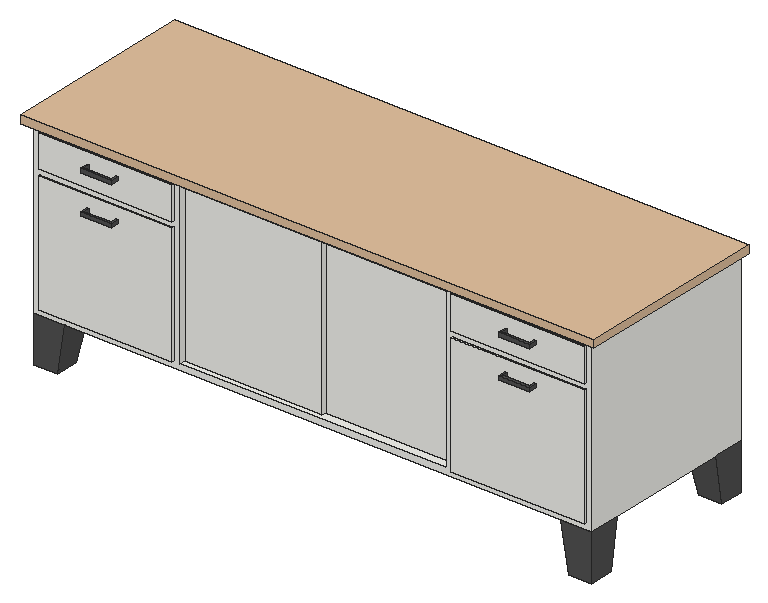
Revit family "7e631b02c8c74846aac28b4628d60ba8", category Furniture, Revit 2021
Family settings
  OmniClass Number = 23.40.20.24.17
  OmniClass Title = Sideboards
  Seek Item ID = Credenza-0000-USA-ENU
  Work Plane-Based = No
  Always vertical = Yes
  Cut with Voids When Loaded = No
  Shared = Yes
  Room Calculation Point = No
Parameters (values of type "72" x 24"")
  Default Elevation = 0' - 0"
  Assembly Code = "E2020200"
  Depth = 2' - 0"
  Body Material = Laminate, Ivory, Matte
  Handles/Legs Material = Steel, Chrome Plated
  Top Material = Cherry
  Height = 2' - 5"
  Width = 6' - 0"
Types (3): name | Width
  (no name) | 6' - 0"
  72" x 24" | 6' - 0"
  60" x 24" | 5' - 0"
Reference planes (in)
  plane 1 "Center (Front/Back)": y = 0.18033
  plane 2: z = 0
  plane 3 "Center (Left/Right)": x = 2.34426
  plane 4 "Back": y = 12.18033
  plane 5 "Front": y = -11.81967
  plane 6 "Right": x = 38.34426
  plane 7 "Left": x = -33.65574
  plane 8 "Top": z = 29
  plane 9: z = 6
  plane 10: x = -15.65574
  plane 11: x = 20.34426
  plane 12: y = -12.06967
  plane 13: y = 11.43033
  plane 14: x = 29.34426
  plane 15: z = 25.75344
  plane 16: z = 20.75
  plane 17: x = 27.34426
  plane 18: x = -24.65574
  plane 19: z = 25.75
  plane 20: z = 20.75
Forms (in)
  Extrusion 1, solid, material "Cherry" <- "Top Material"
    sketch origin (0, 0, 0) x (1, 0, 0) y (0, 1, 0)
      loop
        line (-34.65574, 12.18033) -> (-34.65574, -12.81967) -> (39.34426, -12.81967) -> (39.34426, 12.18033) -> (-34.65574, 12.18033)
    from 28 to 29
  Extrusion 2, solid, material "Laminate, Ivory, Matte" <- "Body Material"
    sketch origin (0, 0, 0) x (1, 0, 0) y (0, 1, 0)
      loop
        line (-33.65574, 12.18033) -> (-33.65574, -11.81967) -> (38.34426, -11.81967) -> (38.34426, 12.18033) -> (-33.65574, 12.18033)
    from 6 to 28
  Blend 3, solid, material "Steel, Chrome Plated" <- "Handles/Legs Material"
    base sketch origin (-33.65574, 24.18033, 0) x (1, 0, 0) y (0, 1, 0)
      loop
        line (72, -36) -> (72, -33) -> (69, -33) -> (69, -36) -> (72, -36)
    top sketch origin (-33.65574, 24.18033, 0) x (1, 0, 0) y (0, 1, 0)
      loop
        line (72, -36) -> (72, -32) -> (68, -32) -> (68, -36) -> (72, -36)
    from 0 to 6
  Blend 4, solid, material "Steel, Chrome Plated" <- "Handles/Legs Material"
    base sketch origin (38.34426, -23.81967, 0) x (-1, 0, 0) y (0, -1, 0)
      loop
        line (72, -36) -> (72, -33) -> (69, -33) -> (69, -36) -> (72, -36)
    top sketch origin (38.34426, -23.81967, 0) x (-1, 0, 0) y (0, -1, 0)
      loop
        line (72, -36) -> (72, -32) -> (68, -32) -> (68, -36) -> (72, -36)
    from 0 to 6
  Blend 5, solid, material "Steel, Chrome Plated" <- "Handles/Legs Material"
    base sketch origin (38.34426, 24.18033, 0) x (-1, 0, 0) y (0, -1, 0)
      loop
        line (72, 36) -> (69, 36) -> (69, 33) -> (72, 33) -> (72, 36)
    top sketch origin (38.34426, 24.18033, 0) x (-1, 0, 0) y (0, -1, 0)
      loop
        line (72, 36) -> (68, 36) -> (68, 32) -> (72, 32) -> (72, 36)
    from 0 to 6
  Extrusion 6, solid, material "Laminate, Ivory, Matte" <- "Body Material"
    sketch origin (45, 12.18033, 0) x (1, 0, 0) y (0, 0, 1)
      loop
        line (-77.90574, 27.25) -> (-77.90574, 23) -> (-60.65574, 23) -> (-60.65574, 27.25) -> (-77.90574, 27.25)
      loop
        line (-60.65574, 6.75) -> (-60.65574, 22.25) -> (-77.90574, 22.25) -> (-77.90574, 6.75) -> (-60.65574, 6.75)
    from 24 to 24.25
  Extrusion 7, solid, material "Laminate, Ivory, Matte" <- "Body Material"
    sketch origin (45, 12.18033, 0) x (1, 0, 0) y (0, 0, 1)
      loop
        line (-24.65574, 27.25) -> (-24.65574, 23) -> (-7.40574, 23) -> (-7.40574, 27.25) -> (-24.65574, 27.25)
      loop
        line (-7.40574, 6.75) -> (-7.40574, 22.25) -> (-24.65574, 22.25) -> (-24.65574, 6.75) -> (-7.40574, 6.75)
    from 24 to 24.25
  Blend 8, solid, material "Steel, Chrome Plated" <- "Handles/Legs Material"
    base sketch origin (-33.65574, -23.81967, 0) x (1, 0, 0) y (0, 1, 0)
      loop
        line (72, 36) -> (69, 36) -> (69, 33) -> (72, 33) -> (72, 36)
    top sketch origin (-33.65574, -23.81967, 0) x (1, 0, 0) y (0, 1, 0)
      loop
        line (72, 36) -> (68, 36) -> (68, 32) -> (72, 32) -> (72, 36)
    from 0 to 6
  Extrusion 9, void
    sketch origin (45, 12.18033, 0) x (1, 0, 0) y (0, 0, 1)
      loop
        line (-59.90574, 27.25) -> (-59.90574, 6.75) -> (-25.40574, 6.75) -> (-25.40574, 27.25) -> (-59.90574, 27.25)
    from 0.75 to 24
  Extrusion 10, solid, material "Laminate, Ivory, Matte" <- "Body Material"
    sketch origin (45, 12.18033, 0) x (1, 0, 0) y (0, 0, 1)
      loop
        line (-42.10136, 27.25) -> (-59.90574, 27.25) -> (-59.90574, 6.75) -> (-42.10136, 6.75) -> (-42.10136, 27.25)
    from 22.70283 to 23.20283
  Extrusion 11, solid, material "Laminate, Ivory, Matte" <- "Body Material"
    sketch origin (1.3389, -11.81967, 0) x (1, 0, 0) y (0, 0, 1)
      loop
        line (19.59426, 27.25) -> (0.50536, 27.25) -> (0.50536, 6.75) -> (19.59426, 6.75) -> (19.59426, 27.25)
    from -1.79717 to -1.29717
  Sweep 12, solid, material "Steel, Chrome Plated" <- "Handles/Legs Material"
    path origin (0, 0, 0) x (1, 0, 0) y (0, 1, 0)
      loop
        line (27.34426, -12.06967) -> (27.34426, -13.06967) -> (31.34426, -13.06967) -> (31.34426, -12.06967)
    profile origin (0, -12.56967, 0) x (1, 0, 0) y (0, 0, 1)
      loop
        line (27.34426, 25.75344) -> (27.34426, 25.25344) -> (27.59426, 25.25344) -> (27.59426, 25.75344) -> (27.34426, 25.75344)
      loop
        line (27.34426, 20.75) -> (27.34426, 20.25) -> (27.59426, 20.25) -> (27.59426, 20.75) -> (27.34426, 20.75)
  Sweep 13, solid, material "Steel, Chrome Plated" <- "Handles/Legs Material"
    path origin (0, 0, 0) x (1, 0, 0) y (0, 1, 0)
      loop
        line (-26.65574, -12.06967) -> (-26.65574, -13.06967) -> (-22.65574, -13.06967) -> (-22.65574, -12.06967)
    profile origin (0, -12.56967, 0) x (1, 0, 0) y (0, 0, 1)
      loop
        line (-26.65574, 20.75) -> (-26.65574, 20.25) -> (-26.40574, 20.25) -> (-26.40574, 20.75) -> (-26.65574, 20.75)
      loop
        line (-26.65574, 25.75) -> (-26.65574, 25.25) -> (-26.40574, 25.25) -> (-26.40574, 25.75) -> (-26.65574, 25.75)
Cuts and joins
  Extrusion 9 cuts Extrusion 1
  Extrusion 9 cuts Extrusion 2
  Extrusion 9 cuts Blend 3
  Extrusion 9 cuts Blend 4
  Extrusion 9 cuts Blend 5
  Extrusion 9 cuts Extrusion 6
  Extrusion 9 cuts Extrusion 7
  Extrusion 9 cuts Blend 8
Lines and regions (in)
  Masking region 1
    outline origin (0, 0, 0) x (1, 0, 0) y (0, 1, 0)
      loop
        line (-33.65574, 12.18033) -> (-33.65574, -11.81967) -> (38.34426, -11.81967) -> (38.34426, 12.18033) -> (-33.65574, 12.18033)
Dimensions and locks (in)
  equal spacing: plane 7 "Left", plane 3 "Center (Left/Right)", plane 6 "Right"
  equal spacing: plane 5 "Front", plane 1 "Center (Front/Back)", plane 4 "Back"
  "Width": plane 7 "Left" to plane 6 "Right"
  "Depth": plane 5 "Front" to plane 4 "Back"
  "Height": plane 8 "Top" to plane 2
  locked: Extrusion 1 to Extrusion 1 at 1
  locked: plane 9 to plane 2 at 6
  equal spacing: plane 7 "Left", plane 10, plane 3 "Center (Left/Right)"
  equal spacing: plane 6 "Right", plane 11, plane 3 "Center (Left/Right)"
  plane 12 to plane 5 "Front" = 0' - 0 1/4"
  Extrusion 1 to Extrusion 6 sketch curve = 0' - 0 3/4"
  equal spacing: plane 11, plane 14, plane 6 "Right"
  equal spacing: plane 7 "Left", plane 18, plane 10
  aligned and locked: Extrusion 1 to plane 8 "Top"
  aligned and locked: Extrusion 2 to Extrusion 1
  aligned and locked: plane 6 "Right" to Extrusion 2 sketch curve
  aligned and locked: Extrusion 2 sketch curve to plane 5 "Front"
  aligned and locked: plane 4 "Back" to Extrusion 1 sketch curve
  aligned and locked: Extrusion 6 to plane 5 "Front"
  aligned and locked: Extrusion 6 to plane 12
  aligned and locked: plane 5 "Front" to Extrusion 9
  aligned and locked: plane 13 to Extrusion 9
  aligned and locked: Extrusion 11 to Extrusion 10
  aligned and locked: plane 4 "Back" to Masking region 1 sketch curve
  aligned and locked: Masking region 1 sketch curve to plane 7 "Left"
  aligned and locked: plane 6 "Right" to Masking region 1 sketch curve
  aligned and locked: Masking region 1 sketch curve to plane 5 "Front"
Automatic sketch dimensions
  Blend 3 sketch curve to plane 5 "Front" = 0' - 0"  (x2)
  Blend 3 sketch curve to plane 6 "Right" = 0' - 0"  (x2)
  Blend 3 sketch curve to Blend 3 sketch curve = 0' - 3"  (x2)
  Blend 3 sketch curve to Blend 3 sketch curve = 0' - 4"  (x2)
  Blend 4 sketch curve to plane 4 "Back" = 0' - 0"  (x2)
  Blend 4 sketch curve to plane 7 "Left" = 0' - 0"  (x2)
  Blend 4 sketch curve to Blend 4 sketch curve = 0' - 3"  (x2)
  Blend 4 sketch curve to Blend 4 sketch curve = 0' - 4"  (x2)
  Blend 5 sketch curve to plane 5 "Front" = 0' - 0"  (x2)
  Blend 5 sketch curve to plane 7 "Left" = 0' - 0"  (x2)
  Blend 5 sketch curve to Blend 5 sketch curve = 0' - 3"  (x2)
  Blend 5 sketch curve to Blend 5 sketch curve = 0' - 4"  (x2)
  plane 5 "Front" to Extrusion 1 sketch curve = 0' - 1"
  plane 7 "Left" to Extrusion 1 sketch curve = 0' - 1"
  Extrusion 1 sketch curve to plane 6 "Right" = 0' - 1"
  Blend 8 sketch curve to plane 4 "Back" = 0' - 0"  (x2)
  Blend 8 sketch curve to plane 6 "Right" = 0' - 0"  (x2)
  Blend 8 sketch curve to Blend 8 sketch curve = 0' - 3"  (x2)
  Blend 8 sketch curve to Blend 8 sketch curve = 0' - 4"  (x2)
  Extrusion 9 sketch curve to plane 10 = 0' - 0 3/4"
  plane 11 to Extrusion 9 sketch curve = 0' - 0 3/4"
  Extrusion 9 sketch curve to plane 9 = 0' - 0 3/4"
  plane 8 "Top" to Extrusion 9 sketch curve = 0' - 1 3/4"
  plane 3 "Center (Left/Right)" to Extrusion 10 sketch curve = 0' - 0.55438"
  Extrusion 10 sketch curve to plane 9 = 0' - 0 3/4"
  Extrusion 10 sketch curve to plane 10 = 0' - 0 3/4"
  plane 8 "Top" to Extrusion 10 sketch curve = 0' - 1 3/4"
  Extrusion 11 sketch curve to plane 3 "Center (Left/Right)" = 0' - 0 1/2"
  Extrusion 11 sketch curve to plane 9 = 0' - 0 3/4"
  Extrusion 11 sketch curve to plane 11 = 0' - 0.5889"
  plane 8 "Top" to Extrusion 11 sketch curve = 0' - 1 3/4"
  Extrusion 7 sketch curve to plane 11 = 0' - 0"  (x2)
  plane 6 "Right" to Extrusion 7 sketch curve = 0' - 0 3/4"  (x2)
  Extrusion 7 sketch curve to plane 9 = 0' - 0 3/4"
  Extrusion 7 sketch curve to Extrusion 7 sketch curve = 1' - 3 1/2"
  Extrusion 7 sketch curve to Extrusion 7 sketch curve = 0' - 0 3/4"
  plane 8 "Top" to Extrusion 7 sketch curve = 0' - 1 3/4"
  Extrusion 6 sketch curve to plane 10 = 0' - 0"  (x2)
  Extrusion 6 sketch curve to plane 7 "Left" = 0' - 0 3/4"
  Extrusion 6 sketch curve to Extrusion 6 sketch curve = 0' - 0"
  Extrusion 6 sketch curve to Extrusion 6 sketch curve = 0' - 4 1/4"
  Extrusion 6 sketch curve to Extrusion 6 sketch curve = 0' - 0 3/4"
  Extrusion 6 sketch curve to plane 9 = 0' - 0 3/4"
  Sweep 12 sketch curve to plane 12 = 0' - 0"  (x2)
  Sweep 12 sketch curve to plane 12 = 0' - 1"
  Sweep 12 sketch curve to plane 14 = 0' - 2"
  plane 14 to Sweep 12 sketch curve = 0' - 2"
  Sweep 12 sketch curve to profile plane = 0' - 0"  (x2)
  Sweep 12 sketch curve to plane 16 = 0' - 0"
  Sweep 12 sketch curve to plane 15 = 0' - 0"
  Sweep 12 sketch curve to profile plane = 0' - 0 1/4"  (x2)
  plane 16 to Sweep 12 sketch curve = 0' - 0 1/2"
  plane 15 to Sweep 12 sketch curve = 0' - 0 1/2"
  Sweep 13 sketch curve to plane 12 = 0' - 0"  (x2)
  Sweep 13 sketch curve to plane 12 = 0' - 1"
  Sweep 13 sketch curve to plane 18 = 0' - 2"
  plane 18 to Sweep 13 sketch curve = 0' - 2"
  Sweep 13 sketch curve to profile plane = 0' - 0"  (x2)
  Sweep 13 sketch curve to plane 19 = 0' - 0"
  Sweep 13 sketch curve to plane 20 = 0' - 0"
  Sweep 13 sketch curve to profile plane = 0' - 0 1/4"  (x2)
  plane 20 to Sweep 13 sketch curve = 0' - 0 1/2"
  Sweep 13 sketch curve to Sweep 13 sketch curve = 0' - 0 1/2"
  Extrusion 2 sketch curve to plane 7 "Left" = 0' - 0"
  Extrusion 2 sketch curve to plane 4 "Back" = 0' - 0"
